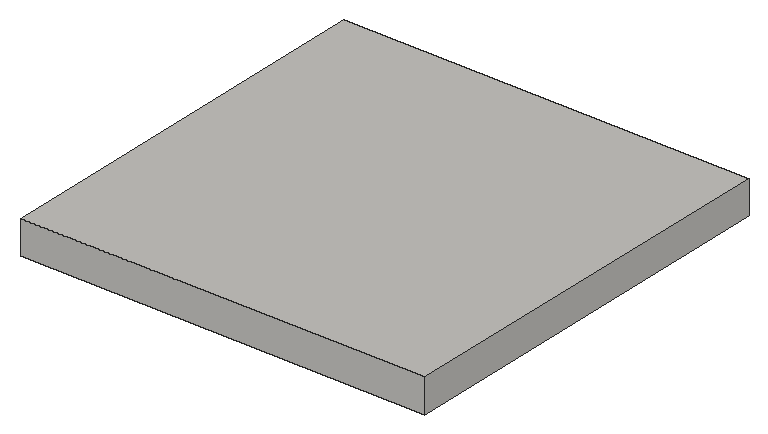
Revit family "CVC_Socle-10cm_1200x1200", category Equipement de génie climatique, Revit 2026
Family settings
  Cote de connecteur circulaire = Utiliser le diamètre
  Type d'élément = Normal
  Basée sur le plan de construction = Non
  Toujours verticalement = Oui
  Couper avec des vides une fois chargée = Non
  Conserver l'orientation des annotations = Non
  Partagée = Non
  Repère de localisation dans la pièce = Non
Parameters (values of type "Socle 1200 x 1200 x 100")
  Source = "CCTP lot 12 § 1.8.2 (gros œuvre), § 3.14.1 (socles et supports)"
  Modèle = "Socle béton 10 cm"
  Fabricant = "Massif : lot Gros œuvre"
  Elévation par défaut = 0 mm
  Description = "Socle béton sous ballon tampon 1 000 L"
  Caractéristiques CCTP = "Socles à la charge du lot gros œuvre (chaudières, ballons ECS, CTA…) ; 1 massif distinct par appareil ; appareils à moteur sur plots ou matelas résilient"
  A vérifier = "Dimensions du socle à caler sur la fiche fabricant de l’appareil"
Reference planes
  plane 1 "Centre (avant/arrière)": y = 0
  plane 2: z = 0
  plane 3 "Centre (gauche/droite)": x = 0
Forms (mm)
  Extrusion 1, solid, material "EHPAD_beton"
    sketch origin (0, 0, 0) x (1, 0, 0) y (0, 1, 0)
      loop
        line (-600, -600) -> (600, -600) -> (600, 600) -> (-600, 600) -> (-600, -600)
    from 0 to 100
Dimensions and locks
  aligned and locked: level to plane 2
